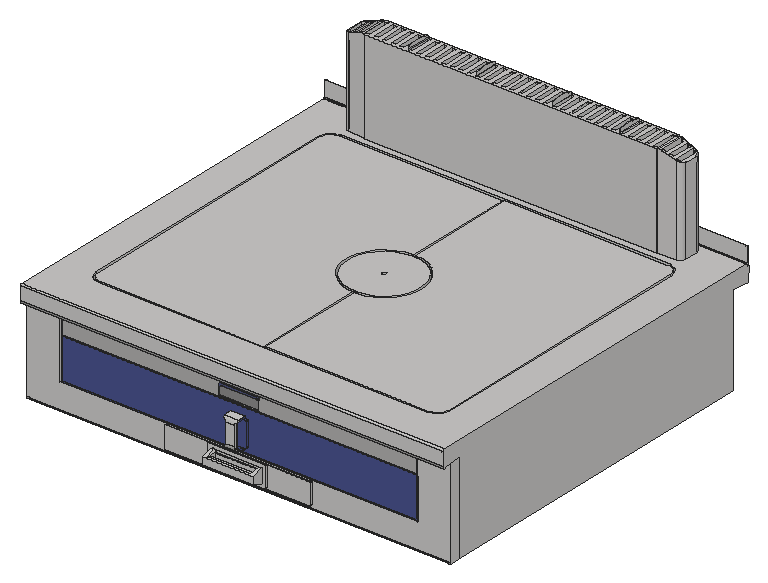
Revit family "QF_ELECTROLUXPROFESSIONAL_589014_MCLIABJOPO", category Specialty Equipment, Revit 2018 (continued)
Definition of nested family "GG_900_Backsplash for 800 fryer"
  Automatic sketch dimensions
    Extrusion 41 sketch curve to Extrusion 41 sketch curve = 2.392 mm
    Extrusion 42 sketch curve to Extrusion 42 sketch curve = 0 mm  (x3)
    Extrusion 42 sketch curve to plane 3 "Center (Left/Right)" = 87.373 mm
    Extrusion 42 sketch curve to Extrusion 42 sketch curve = 1 mm  (x2)
    Extrusion 42 sketch curve to Extrusion 42 sketch curve = 0.732 mm
    level to Extrusion 42 sketch curve = 1106.571 mm
    plane 6 to Extrusion 43 sketch curve = 26.484 mm
    Extrusion 43 sketch curve to Extrusion 43 sketch curve = 3.168 mm
    Extrusion 43 sketch curve to Extrusion 43 sketch curve = 0.003 mm
    Extrusion 43 sketch curve to Extrusion 43 sketch curve = 0.832 mm
    Extrusion 43 sketch curve to Extrusion 43 sketch curve = 11.257 mm
    Extrusion 43 sketch curve to Extrusion 43 sketch curve = 0 mm  (x2)
    Extrusion 43 sketch curve to plane 6 = 0.419 mm
    Extrusion 43 sketch curve to plane 6 = 12.894 mm
    Extrusion 43 sketch curve to Extrusion 43 sketch curve = 10.482 mm
    Extrusion 43 sketch curve to Extrusion 43 sketch curve = 0.775 mm
    Extrusion 43 sketch curve to Extrusion 43 sketch curve = 0.056 mm
    Extrusion 43 sketch curve to Extrusion 43 sketch curve = 4 mm
    level to Extrusion 43 sketch curve = 1058.216 mm
    Extrusion 43 sketch curve to Extrusion 43 sketch curve = 49.354 mm
    Extrusion 43 sketch curve to Extrusion 43 sketch curve = 3.029 mm  (x2)
    Extrusion 43 sketch curve to Extrusion 43 sketch curve = 0.001 mm  (x4)
    Extrusion 43 sketch curve to Extrusion 43 sketch curve = 2.392 mm
    Extrusion 44 sketch curve to Extrusion 44 sketch curve = 0 mm  (x3)
    Extrusion 44 sketch curve to plane 5 = 145 mm
    Extrusion 44 sketch curve to Extrusion 44 sketch curve = 1 mm  (x2)
    Extrusion 44 sketch curve to Extrusion 44 sketch curve = 0.732 mm
    level to Extrusion 44 sketch curve = 1107.571 mm
    plane 6 to Extrusion 45 sketch curve = 26.484 mm
    Extrusion 45 sketch curve to Extrusion 45 sketch curve = 3.168 mm
    Extrusion 45 sketch curve to Extrusion 45 sketch curve = 0.003 mm
    Extrusion 45 sketch curve to Extrusion 45 sketch curve = 0.832 mm
    Extrusion 45 sketch curve to Extrusion 45 sketch curve = 11.257 mm
    Extrusion 45 sketch curve to Extrusion 45 sketch curve = 0 mm  (x2)
    Extrusion 45 sketch curve to plane 6 = 0.419 mm
    Extrusion 45 sketch curve to plane 6 = 12.894 mm
    Extrusion 45 sketch curve to Extrusion 45 sketch curve = 10.482 mm
    Extrusion 45 sketch curve to Extrusion 45 sketch curve = 0.775 mm
    Extrusion 45 sketch curve to Extrusion 45 sketch curve = 0.056 mm
    Extrusion 45 sketch curve to Extrusion 45 sketch curve = 4 mm
    level to Extrusion 45 sketch curve = 1058.216 mm
    Extrusion 45 sketch curve to Extrusion 45 sketch curve = 49.354 mm
    Extrusion 45 sketch curve to Extrusion 45 sketch curve = 3.029 mm  (x2)
    Extrusion 45 sketch curve to Extrusion 45 sketch curve = 0.001 mm  (x4)
    Extrusion 45 sketch curve to Extrusion 45 sketch curve = 2.392 mm
    Extrusion 46 sketch curve to Extrusion 46 sketch curve = 0 mm  (x3)
    plane 3 "Center (Left/Right)" to Extrusion 46 sketch curve = 94.792 mm
    Extrusion 46 sketch curve to Extrusion 46 sketch curve = 1 mm  (x2)
    Extrusion 46 sketch curve to Extrusion 46 sketch curve = 0.732 mm
    level to Extrusion 46 sketch curve = 1107.571 mm
    curve 15 to plane 5 = 0 mm
    plane 6 to curve 6 = 32.954 mm
    curve 17 to plane 4 = 0 mm
    plane 4 to curve 16 = 0.886 mm
    plane 4 to curve 2 = 11.608 mm
    plane 4 to curve 7 = 11.608 mm
    curve 5 to curve 6 = 58.231 mm
    plane 1 "Center (Front/Back)" to curve 1 = 5.039 mm
    curve 3 to curve 1 = 58.231 mm
    curve 8 to plane 5 = 70.951 mm
    curve 1 to curve 6 = 0 mm
    curve 12 to plane 5 = 12.72 mm
    curve 8 to plane 5 = 12.72 mm
    curve 15 to plane 5 = 1.998 mm
    curve 14 to curve 9 = 1.998 mm
    plane 4 to curve 17 = 0.886 mm
    curve 3 to curve 3 = 11.746 mm
    curve 5 to curve 5 = 11.746 mm
    curve 11 to curve 11 = 11.746 mm
    curve 10 to curve 10 = 11.746 mm
    plane 6 to curve 7 = 27.86 mm
    plane 6 to curve 8 = 27.86 mm
    plane 6 to curve 15 = 15.407 mm
    curve 14 to plane 6 = 15.407 mm
    curve 4 to plane 6 = 15.407 mm
    plane 1 "Center (Front/Back)" to curve 2 = 10.134 mm
    plane 1 "Center (Front/Back)" to curve 12 = 10.134 mm
    plane 6 to curve 17 = 15.407 mm
